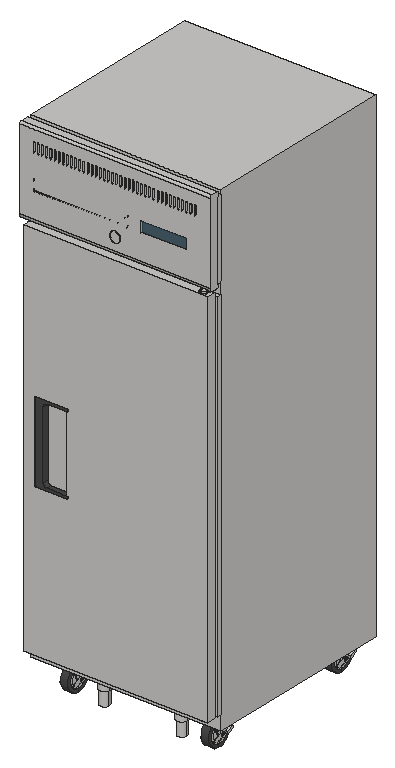
Revit family "QF_EVEREST_ES_1", category Specialty Equipment, Revit 2015
Parameters (values of type "ESF1_115/60/1")
  Weight in Pounds = 318
  Watts = if(Phase = 3, Volts * FL Amps * 1.73, Volts * FL Amps)  # 575 W
  Volts = 115 V
  URL Cutsheet = ""
  Specification by User = ""
  Specification by Manufacturer = ""
  Show Clearance [instance] = yes
  Serial Number = ""
  Seismic Rating = ""
  SMACNA No = ""
  Revision Code = ""
  Refrigerant Volume = 0.00 kip
  Refrigerant Type = "R290"
  Phase = 1
  Number of Poles = 1
  NAFEM Spec ID Number = ""
  Model = "ESF1"
  Min Ckt Ampacity = 0 A
  Max Overcurrent Protection = 0 A
  Masterspec = ""
  Manufacturer = "EVEREST"
  Length = 740 mm
  Item Number = ""
  Installed By = ""
  Identify Quantity as Lot = yes
  Height = 2010 mm
  HP = "1/2"
  Furnished By = ""
  Foodservice Equipment Identifier = yes
  FL Amps = 5 A
  Electrical Remarks = ""
  Electric Connection Type = ""
  Elec Conn RI Height = 0 mm
  Elec Conn Connection Height = 0 mm
  Description = "UPRIGHT REACH–IN FREEZER"
  Depth = 803 mm
  Cycle = 60 Hz
  Conn Plug = "NEMA 5-15P"
  Conn Conduit = yes
  CSI MasterFormat = ""
  BTUH = 1670.0 Btu/h
  Apparent Power = 0 VA
Types (2, lengths in mm): name | Weight in Pounds | Watts | Model | HP | FL Amps | Description | BTUH
  ESF1_115/60/1 | 318 | 575 W | "ESF1" | "1/2" | 5 A | "UPRIGHT REACH–IN FREEZER" | 1670.0 Btu/h
  ESR1_115/60/1 | 296 | 460 W | "ESR1" | "1/4+" | 4 A | "UPRIGHT REACH–IN REFRIGERATOR" | 1926.0 Btu/h
Reference planes
  plane 1 "BACK": y = 0
  plane 2: z = 0
  plane 3 "LEFT": x = 0
  plane 4 "RIGHT": x = 740
  plane 5 "FRONT": y = -803
  plane 6 "TOP": z = 2010
  plane 7 "Center Y": x = 370
  plane 8 "Center X": y = -401.5
  plane 9: y = -1491
  plane 10: z = 125
  plane 11: y = -750
Forms (mm)
  Extrusion 1, solid, material "QF_Metal - Stainless - Polished"
    sketch origin (0, 0, 0) x (0, 1, 0) y (0, 0, 1)
      loop
        line (0, 2010) -> (-750, 2010) -> (-750, 125) -> (0, 125) -> (0, 2010)
    from 0 to 740
  Extrusion 2, solid, material "QF_Metal - Stainless - Polished"
    sketch origin (0, 0, 0) x (0, 1, 0) y (0, 0, 1)
      loop
        line (-765, 2010) -> (-794.973, 2010)
        arc (-794.973, 2010) -> (-800.649, 2007.649) -> (-803, 2001.973) r 8.027
        line (-803, 2001.973) -> (-803, 1687.87)
        arc (-803, 1687.87) -> (-799.172, 1678.628) -> (-789.93, 1674.8) r 13.07
        line (-789.93, 1674.8) -> (-765, 1674.8) -> (-765, 2010)
    from 0 to 740
  Extrusion 3, solid, material "QF_Metal - Stainless - Polished"
    sketch origin (0, 0, 0) x (0, 1, 0) y (0, 0, 1)
      loop
        line (-765, 1688.8) -> (-758.141, 1688.8)
        arc (-758.141, 1688.8) -> (-757.087, 1689.01) -> (-756.193, 1689.607) r 2.754
        line (-756.193, 1689.607) -> (-750.858, 1694.942)
        arc (-750.858, 1694.942) -> (-750.223, 1695.892) -> (-750, 1697.014) r 2.93
        line (-750, 1697.014) -> (-750, 1990.992)
        arc (-750, 1990.992) -> (-750.222, 1992.108) -> (-750.854, 1993.054) r 2.916
        line (-750.854, 1993.054) -> (-755.935, 1998.135)
        arc (-755.935, 1998.135) -> (-757.115, 1998.923) -> (-758.506, 1999.2) r 3.637
        line (-758.506, 1999.2) -> (-765, 1999.2) -> (-765, 1688.8)
    from 0 to 740
  Extrusion 4, solid, material "QF_Metal - Stainless - Polished"
    sketch origin (0, 0, 0) x (1, 0, 0) y (0, 0, 1)
      loop
        line (13, 172.5) -> (727, 172.5) -> (727, 1654) -> (13, 1654) -> (13, 172.5)
      loop
        arc (60.313, 1071.5) -> (56.778, 1070.036) -> (55.313, 1066.5) r 5
        line (55.313, 1066.5) -> (55.313, 763.5)
        arc (55.313, 763.5) -> (56.778, 759.964) -> (60.313, 758.5) r 5
        line (60.313, 758.5) -> (179.313, 758.5)
        arc (179.313, 758.5) -> (182.849, 759.964) -> (184.313, 763.5) r 5
        line (184.313, 763.5) -> (184.313, 768.5) -> (179.313, 768.5) -> (179.313, 1061.5) -> (184.313, 1061.5) -> (184.313, 1066.5)
        arc (184.313, 1066.5) -> (182.849, 1070.036) -> (179.313, 1071.5) r 5
        line (179.313, 1071.5) -> (60.313, 1071.5)
    from 765 to 800
  Extrusion 5, solid, material "QF_Metal - Stainless - Polished"
    sketch origin (0, 0, 0) x (0, 1, 0) y (0, 0, 1)
      loop
        line (-750, 1644) -> (-765, 1644) -> (-765, 182.5) -> (-750, 182.5) -> (-750, 1644)
    from 0 to 740
  Extrusion 6, solid, material "QF_Plastic - Black - Smooth"
    sketch origin (0, 0, 0) x (1, 0, 0) y (0, 0, 1)
      loop
        arc (60.313, 1071.5) -> (56.778, 1070.036) -> (55.313, 1066.5) r 5
        line (55.313, 1066.5) -> (55.313, 763.5)
        arc (55.313, 763.5) -> (56.778, 759.964) -> (60.313, 758.5) r 5
        line (60.313, 758.5) -> (179.313, 758.5)
        arc (179.313, 758.5) -> (182.849, 759.964) -> (184.313, 763.5) r 5
        line (184.313, 763.5) -> (184.313, 768.5) -> (103.313, 768.5)
        arc (103.313, 768.5) -> (92.707, 772.893) -> (88.313, 783.5) r 15
        line (88.313, 783.5) -> (88.313, 1046.5)
        arc (88.313, 1046.5) -> (92.707, 1057.107) -> (103.313, 1061.5) r 15
        line (103.313, 1061.5) -> (184.313, 1061.5) -> (184.313, 1066.5)
        arc (184.313, 1066.5) -> (182.849, 1070.036) -> (179.313, 1071.5) r 5
        line (179.313, 1071.5) -> (60.313, 1071.5)
    from 780 to 800
  Extrusion 7, void
    sketch origin (0, -803, 2030) x (0, 0, -1) y (1, 0, 0)
      loop
        line (105, 61.992) -> (73, 61.992)
        arc (73, 61.992) -> (69, 57.992) -> (73, 53.992) r 4
        line (73, 53.992) -> (105, 53.992)
        arc (105, 53.992) -> (109, 57.992) -> (105, 61.992) r 4
      loop
        line (73, 69.992) -> (105, 69.992)
        arc (105, 69.992) -> (109, 73.992) -> (105, 77.992) r 4
        line (105, 77.992) -> (73, 77.992)
        arc (73, 77.992) -> (69, 73.992) -> (73, 69.992) r 4
      loop
        line (73, 85.992) -> (105, 85.992)
        arc (105, 85.992) -> (109, 89.992) -> (105, 93.992) r 4
        line (105, 93.992) -> (73, 93.992)
        arc (73, 93.992) -> (69, 89.992) -> (73, 85.992) r 4
      loop
        line (73, 101.992) -> (105, 101.992)
        arc (105, 101.992) -> (109, 105.992) -> (105, 109.992) r 4
        line (105, 109.992) -> (73, 109.992)
        arc (73, 109.992) -> (69, 105.992) -> (73, 101.992) r 4
      loop
        line (73, 117.992) -> (105, 117.992)
        arc (105, 117.992) -> (109, 121.992) -> (105, 125.992) r 4
        line (105, 125.992) -> (73, 125.992)
        arc (73, 125.992) -> (69, 121.992) -> (73, 117.992) r 4
      loop
        line (73, 133.992) -> (105, 133.992)
        arc (105, 133.992) -> (109, 137.992) -> (105, 141.992) r 4
        line (105, 141.992) -> (73, 141.992)
        arc (73, 141.992) -> (69, 137.992) -> (73, 133.992) r 4
      loop
        line (73, 149.992) -> (105, 149.992)
        arc (105, 149.992) -> (109, 153.992) -> (105, 157.992) r 4
        line (105, 157.992) -> (73, 157.992)
        arc (73, 157.992) -> (69, 153.992) -> (73, 149.992) r 4
      loop
        line (73, 165.992) -> (105, 165.992)
        arc (105, 165.992) -> (109, 169.992) -> (105, 173.992) r 4
        line (105, 173.992) -> (73, 173.992)
        arc (73, 173.992) -> (69, 169.992) -> (73, 165.992) r 4
      loop
        line (73, 181.992) -> (105, 181.992)
        arc (105, 181.992) -> (109, 185.992) -> (105, 189.992) r 4
        line (105, 189.992) -> (73, 189.992)
        arc (73, 189.992) -> (69, 185.992) -> (73, 181.992) r 4
      loop
        line (73, 197.992) -> (105, 197.992)
        arc (105, 197.992) -> (109, 201.992) -> (105, 205.992) r 4
        line (105, 205.992) -> (73, 205.992)
        arc (73, 205.992) -> (69, 201.992) -> (73, 197.992) r 4
      loop
        line (73, 213.992) -> (105, 213.992)
        arc (105, 213.992) -> (109, 217.992) -> (105, 221.992) r 4
        line (105, 221.992) -> (73, 221.992)
        arc (73, 221.992) -> (69, 217.992) -> (73, 213.992) r 4
      loop
        line (73, 229.992) -> (105, 229.992)
        arc (105, 229.992) -> (109, 233.992) -> (105, 237.992) r 4
        line (105, 237.992) -> (73, 237.992)
        arc (73, 237.992) -> (69, 233.992) -> (73, 229.992) r 4
      loop
        line (73, 245.992) -> (105, 245.992)
        arc (105, 245.992) -> (109, 249.992) -> (105, 253.992) r 4
        line (105, 253.992) -> (73, 253.992)
        arc (73, 253.992) -> (69, 249.992) -> (73, 245.992) r 4
      loop
        line (73, 261.992) -> (105, 261.992)
        arc (105, 261.992) -> (109, 265.992) -> (105, 269.992) r 4
        line (105, 269.992) -> (73, 269.992)
        arc (73, 269.992) -> (69, 265.992) -> (73, 261.992) r 4
      loop
        line (73, 277.992) -> (105, 277.992)
        arc (105, 277.992) -> (109, 281.992) -> (105, 285.992) r 4
        line (105, 285.992) -> (73, 285.992)
        arc (73, 285.992) -> (69, 281.992) -> (73, 277.992) r 4
      loop
        line (73, 293.992) -> (105, 293.992)
        arc (105, 293.992) -> (109, 297.992) -> (105, 301.992) r 4
        line (105, 301.992) -> (73, 301.992)
        arc (73, 301.992) -> (69, 297.992) -> (73, 293.992) r 4
      loop
        line (73, 309.992) -> (105, 309.992)
        arc (105, 309.992) -> (109, 313.992) -> (105, 317.992) r 4
        line (105, 317.992) -> (73, 317.992)
        arc (73, 317.992) -> (69, 313.992) -> (73, 309.992) r 4
      loop
        line (73, 325.992) -> (105, 325.992)
        arc (105, 325.992) -> (109, 329.992) -> (105, 333.992) r 4
        line (105, 333.992) -> (73, 333.992)
        arc (73, 333.992) -> (69, 329.992) -> (73, 325.992) r 4
      loop
        line (73, 341.992) -> (105, 341.992)
        arc (105, 341.992) -> (109, 345.992) -> (105, 349.992) r 4
        line (105, 349.992) -> (73, 349.992)
        arc (73, 349.992) -> (69, 345.992) -> (73, 341.992) r 4
      loop
        line (73, 357.992) -> (105, 357.992)
        arc (105, 357.992) -> (109, 361.992) -> (105, 365.992) r 4
        line (105, 365.992) -> (73, 365.992)
        arc (73, 365.992) -> (69, 361.992) -> (73, 357.992) r 4
      loop
        arc (105, 678.008) -> (109, 682.008) -> (105, 686.008) r 4
        line (105, 686.008) -> (73, 686.008)
        arc (73, 686.008) -> (69, 682.008) -> (73, 678.008) r 4
        line (73, 678.008) -> (105, 678.008)
      loop
        arc (73, 670.008) -> (69, 666.008) -> (73, 662.008) r 4
        line (73, 662.008) -> (105, 662.008)
        arc (105, 662.008) -> (109, 666.008) -> (105, 670.008) r 4
        line (105, 670.008) -> (73, 670.008)
      loop
        arc (73, 654.008) -> (69, 650.008) -> (73, 646.008) r 4
        line (73, 646.008) -> (105, 646.008)
        arc (105, 646.008) -> (109, 650.008) -> (105, 654.008) r 4
        line (105, 654.008) -> (73, 654.008)
      loop
        arc (73, 638.008) -> (69, 634.008) -> (73, 630.008) r 4
        line (73, 630.008) -> (105, 630.008)
        arc (105, 630.008) -> (109, 634.008) -> (105, 638.008) r 4
        line (105, 638.008) -> (73, 638.008)
      loop
        arc (73, 622.008) -> (69, 618.008) -> (73, 614.008) r 4
        line (73, 614.008) -> (105, 614.008)
        arc (105, 614.008) -> (109, 618.008) -> (105, 622.008) r 4
        line (105, 622.008) -> (73, 622.008)
      loop
        arc (73, 606.008) -> (69, 602.008) -> (73, 598.008) r 4
        line (73, 598.008) -> (105, 598.008)
        arc (105, 598.008) -> (109, 602.008) -> (105, 606.008) r 4
        line (105, 606.008) -> (73, 606.008)
      loop
        arc (73, 590.008) -> (69, 586.008) -> (73, 582.008) r 4
        line (73, 582.008) -> (105, 582.008)
        arc (105, 582.008) -> (109, 586.008) -> (105, 590.008) r 4
        line (105, 590.008) -> (73, 590.008)
      loop
        arc (73, 574.008) -> (69, 570.008) -> (73, 566.008) r 4
        line (73, 566.008) -> (105, 566.008)
        arc (105, 566.008) -> (109, 570.008) -> (105, 574.008) r 4
        line (105, 574.008) -> (73, 574.008)
      loop
        arc (73, 558.008) -> (69, 554.008) -> (73, 550.008) r 4
        line (73, 550.008) -> (105, 550.008)
        arc (105, 550.008) -> (109, 554.008) -> (105, 558.008) r 4
        line (105, 558.008) -> (73, 558.008)
      loop
        arc (73, 542.008) -> (69, 538.008) -> (73, 534.008) r 4
        line (73, 534.008) -> (105, 534.008)
        arc (105, 534.008) -> (109, 538.008) -> (105, 542.008) r 4
        line (105, 542.008) -> (73, 542.008)
      loop
        arc (73, 526.008) -> (69, 522.008) -> (73, 518.008) r 4
        line (73, 518.008) -> (105, 518.008)
        arc (105, 518.008) -> (109, 522.008) -> (105, 526.008) r 4
        line (105, 526.008) -> (73, 526.008)
      loop
        arc (73, 510.008) -> (69, 506.008) -> (73, 502.008) r 4
        line (73, 502.008) -> (105, 502.008)
        arc (105, 502.008) -> (109, 506.008) -> (105, 510.008) r 4
        line (105, 510.008) -> (73, 510.008)
      loop
        arc (73, 494.008) -> (69, 490.008) -> (73, 486.008) r 4
        line (73, 486.008) -> (105, 486.008)
        arc (105, 486.008) -> (109, 490.008) -> (105, 494.008) r 4
        line (105, 494.008) -> (73, 494.008)
      loop
        arc (73, 478.008) -> (69, 474.008) -> (73, 470.008) r 4
        line (73, 470.008) -> (105, 470.008)
        arc (105, 470.008) -> (109, 474.008) -> (105, 478.008) r 4
        line (105, 478.008) -> (73, 478.008)
      loop
        arc (73, 462.008) -> (69, 458.008) -> (73, 454.008) r 4
        line (73, 454.008) -> (105, 454.008)
        arc (105, 454.008) -> (109, 458.008) -> (105, 462.008) r 4
        line (105, 462.008) -> (73, 462.008)
      loop
        arc (73, 446.008) -> (69, 442.008) -> (73, 438.008) r 4
        line (73, 438.008) -> (105, 438.008)
        arc (105, 438.008) -> (109, 442.008) -> (105, 446.008) r 4
        line (105, 446.008) -> (73, 446.008)
      loop
        arc (73, 430.008) -> (69, 426.008) -> (73, 422.008) r 4
        line (73, 422.008) -> (105, 422.008)
        arc (105, 422.008) -> (109, 426.008) -> (105, 430.008) r 4
        line (105, 430.008) -> (73, 430.008)
      loop
        arc (73, 414.008) -> (69, 410.008) -> (73, 406.008) r 4
        line (73, 406.008) -> (105, 406.008)
        arc (105, 406.008) -> (109, 410.008) -> (105, 414.008) r 4
        line (105, 414.008) -> (73, 414.008)
      loop
        arc (73, 398.008) -> (69, 394.008) -> (73, 390.008) r 4
        line (73, 390.008) -> (105, 390.008)
        arc (105, 390.008) -> (109, 394.008) -> (105, 398.008) r 4
        line (105, 398.008) -> (73, 398.008)
      loop
        arc (73, 382.008) -> (69, 378.008) -> (73, 374.008) r 4
        line (73, 374.008) -> (105, 374.008)
        arc (105, 374.008) -> (109, 378.008) -> (105, 382.008) r 4
        line (105, 382.008) -> (73, 382.008)
      loop
        line (200.062, 53.992) -> (204.496, 53.992)
        arc (204.496, 53.992) -> (208.032, 55.456) -> (209.496, 58.992) r 5
        line (209.496, 58.992) -> (209.496, 413.992)
        arc (209.496, 413.992) -> (208.032, 417.528) -> (204.496, 418.992) r 5
        line (204.496, 418.992) -> (200.062, 418.992)
        arc (200.062, 418.992) -> (203.599, 417.523) -> (205.063, 413.988) r 5
        line (205.063, 413.988) -> (205.063, 58.996)
        arc (205.063, 58.996) -> (203.598, 55.46) -> (200.062, 53.992) r 5
      loop
        line (233.068, 53.992) -> (237.502, 53.992)
        arc (237.502, 53.992) -> (241.038, 55.456) -> (242.502, 58.992) r 5
        line (242.502, 58.992) -> (242.502, 413.992)
        arc (242.502, 413.992) -> (241.038, 417.528) -> (237.502, 418.992) r 5
        line (237.502, 418.992) -> (233.068, 418.992)
        arc (233.068, 418.992) -> (236.604, 417.523) -> (238.068, 413.988) r 5
        line (238.068, 413.988) -> (238.068, 58.996)
        arc (238.068, 58.996) -> (236.604, 55.46) -> (233.068, 53.992) r 5
      loop
        arc (238.504, 469.75) -> (239.916, 470.335) -> (240.501, 471.747) r 1.997
        line (240.501, 471.747) -> (240.501, 647.256)
        arc (240.501, 647.256) -> (239.917, 648.666) -> (238.507, 649.25) r 1.994
        line (238.507, 649.25) -> (200.5, 649.25)
        arc (200.5, 649.25) -> (199.086, 648.665) -> (198.501, 647.25) r 1.997
        line (198.501, 647.25) -> (198.501, 471.75)
        arc (198.501, 471.75) -> (199.086, 470.335) -> (200.5, 469.75) r 1.997
        line (200.5, 469.75) -> (238.504, 469.75)
    from 0 to -3
  Extrusion 8, solid, material "QF_Metal - Stainless - Polished"
    sketch origin (2.005, 0, 172.5) x (0, -1, 0) y (-1, 0, 0)
      loop
        circle (784, -697) r 10
    from 0 to 5
  Extrusion 9, solid, material "QF_Metal - Stainless - Polished"
    sketch origin (2.005, 0, 172.5) x (0, -1, 0) y (-1, 0, 0)
      loop
        arc (789.13, -711.095) -> (798.772, -694.395) -> (784, -682) r 15
        line (784, -682) -> (750, -676.005) -> (750, -717.995) -> (789.13, -711.095)
      loop
        circle (784, -697) r 10
    from 0 to 2.5
  Extrusion 10, solid, material "QF_Metal - Stainless - Polished"
    sketch origin (-10.995, 0, 1654) x (1, 0, 0) y (0, 1, 0)
      loop
        circle (710, -784) r 10
    from 0 to 5
  Extrusion 11, solid, material "QF_Metal - Stainless - Polished"
    sketch origin (-10.995, 0, 1654) x (1, 0, 0) y (0, 1, 0)
      loop
        line (724.095, -789.13) -> (730.995, -750) -> (689.005, -750) -> (695, -784)
        arc (695, -784) -> (707.395, -798.772) -> (724.095, -789.13) r 15
      loop
        circle (710, -784) r 10
    from 0 to 2.5
  Revolve 12, solid, material "QF_Metal - Stainless - Polished"
    sketch origin (0, -665, 0) x (1, 0, 0) y (0, 0, 1)
      loop
        line (218.953, 0) -> (218.953, 125) -> (183.953, 125) -> (183.953, 115) -> (188.953, 115) -> (188.953, 104.5) -> (197.953, 90.5) -> (197.953, 55.5) -> (201.703, 55.5) -> (201.703, 0) -> (218.953, 0)
      axis (218.953, 0) -> (218.953, 125)
    angle from 0 to 360
  Revolve 13, solid, material "QF_Metal - Stainless - Polished"
    sketch origin (301.095, -665, 0) x (1, 0, 0) y (0, 0, 1)
      loop
        line (218.953, 0) -> (218.953, 125) -> (183.953, 125) -> (183.953, 115) -> (188.953, 115) -> (188.953, 104.5) -> (197.953, 90.5) -> (197.953, 55.5) -> (201.703, 55.5) -> (201.703, 0) -> (218.953, 0)
      axis (218.953, 0) -> (218.953, 125)
    angle from 0 to 360
  Extrusion 14, solid, material "QF_Door-Drawer Clearances", visible <- "Show Clearance", detail levels coarse
    sketch origin (0, 0, 0) x (1, 0, 0) y (0, 1, 0)
      loop
        line (727, -800) -> (13, -800)
        arc (13, -800) -> (226.368, -1293.913) -> (727, -1491) r 700.792
        line (727, -1491) -> (727, -800)
    from 172.5 to 1654
  Extrusion 15, solid, material "QF_Metal - Stainless - Polished"
    sketch origin (0, 0, 1980) x (0, 0, 1) y (1, 0, 0)
      loop
        circle (-241.795, 370) r 6.35
    from 0 to 6.4
  Extrusion 16, void
    sketch origin (0, -803, 2030) x (0, 0, -1) y (1, 0, 0)
      loop
        circle (291.795, 370) r 20
    from 0 to -5
  Extrusion 17, solid, material "Glass"
    sketch origin (0, -798, 2030) x (0, 0, -1) y (1, 0, 0)
      loop
        line (200.5, 469.75) -> (238.504, 469.75)
        arc (238.504, 469.75) -> (239.916, 470.335) -> (240.501, 471.747) r 1.997
        line (240.501, 471.747) -> (240.501, 647.256)
        arc (240.501, 647.256) -> (239.917, 648.666) -> (238.507, 649.25) r 1.994
        line (238.507, 649.25) -> (200.5, 649.25)
        arc (200.5, 649.25) -> (199.086, 648.665) -> (198.501, 647.25) r 1.997
        line (198.501, 647.25) -> (198.501, 471.75)
        arc (198.501, 471.75) -> (199.086, 470.335) -> (200.5, 469.75) r 1.997
    from 0 to 5
  Extrusion 18, solid, material "QF_Metal - Stainless - Polished"
    sketch origin (0, -800, 2030) x (0, 0, -1) y (1, 0, 0)
      loop
        circle (291.795, 370) r 20
    from 0 to 3
Cuts and joins
  Extrusion 7, Extrusion 16 cuts Extrusion 2
Lines and regions (mm)
  symbolic lines
    curve 1: line (0, 0, 0) -> (740, 0, 0)
    curve 2: line (0, -803, 0) -> (0, 0, 0)
    curve 3: line (740, -803, 0) -> (0, -803, 0)
    curve 4: line (740, 0, 0) -> (740, -803, 0)
    curve 5: line (0, -765, 0) -> (740, -765, 0)
    curve 6: line (0, -750, 0) -> (740, -750, 0)
  symbolic lines, style "QF_Door-Drawer Clearances"
    curve 7: arc (13, -800, 0) -> (40.11, -983.601, 0) -> (114.465, -1153.647, 0) r 700.792
    curve 8: line (114.465, -1153.647, 0) -> (727, -800, 0)
Dimensions and locks
  equal spacing: plane 3 "LEFT", plane 7 "Center Y", plane 4 "RIGHT"
  "Length": plane 3 "LEFT" to plane 4 "RIGHT"
  equal spacing: plane 5 "FRONT", plane 8 "Center X", plane 1 "BACK"
  "Depth": plane 5 "FRONT" to plane 1 "BACK"
  "Height": plane 6 "TOP" to level
  plane 9 to plane 1 "BACK" = 1491 mm
  plane 6 "TOP" to plane 2 = 2010 mm
  plane 10 to plane 2 = 125 mm
  plane 6 "TOP" to plane 10 = 1885 mm
  plane 5 "FRONT" to plane 1 "BACK" = 803 mm
  plane 11 to plane 1 "BACK" = 750 mm
  Extrusion 4 sketch curve to Extrusion 4 sketch curve = 714 mm
  aligned and locked: plane 2 to level
Automatic sketch dimensions
  Extrusion 1 sketch curve to plane 6 "TOP" = 0 mm
  Extrusion 1 sketch curve to plane 11 = 0 mm
  Extrusion 1 sketch curve to plane 1 "BACK" = 0 mm
  Extrusion 1 sketch curve to plane 10 = 0 mm
  Extrusion 2 sketch curve to plane 5 "FRONT" = 0 mm
  Extrusion 2 sketch curve to plane 6 "TOP" = 0 mm
  Extrusion 2 sketch curve to Extrusion 2 sketch curve = 8.027 mm
  Extrusion 2 sketch curve to Extrusion 2 sketch curve = 13.07 mm
  Extrusion 2 sketch curve to plane 11 = 15 mm
  Extrusion 2 sketch curve to Extrusion 2 sketch curve = 314.103 mm
  Extrusion 3 sketch curve to plane 11 = 0 mm
  Extrusion 3 sketch curve to plane 11 = 0.854 mm
  Extrusion 3 sketch curve to plane 11 = 0.858 mm
  Extrusion 3 sketch curve to plane 11 = 2.916 mm
  Extrusion 3 sketch curve to plane 11 = 2.93 mm
  Extrusion 3 sketch curve to plane 11 = 5.935 mm
  Extrusion 3 sketch curve to plane 11 = 6.193 mm
  Extrusion 3 sketch curve to Extrusion 3 sketch curve = 1.947 mm
  Extrusion 3 sketch curve to Extrusion 3 sketch curve = 2.572 mm  (x2)
  Extrusion 3 sketch curve to Extrusion 3 sketch curve = 6.859 mm
  Extrusion 3 sketch curve to plane 6 "TOP" = 321.2 mm
  Extrusion 3 sketch curve to Extrusion 3 sketch curve = 0.807 mm
  Extrusion 3 sketch curve to Extrusion 3 sketch curve = 5.335 mm
  Extrusion 3 sketch curve to plane 6 "TOP" = 19.008 mm
  Extrusion 3 sketch curve to Extrusion 3 sketch curve = 4.571 mm
  plane 3 "LEFT" to Extrusion 4 sketch curve = 13 mm
  plane 3 "LEFT" to Extrusion 4 sketch curve = 55.313 mm
  Extrusion 4 sketch curve to Extrusion 4 sketch curve = 5 mm  (x6)
  Extrusion 4 sketch curve to Extrusion 4 sketch curve = 119 mm
  Extrusion 4 sketch curve to Extrusion 4 sketch curve = 0 mm  (x2)
  plane 10 to Extrusion 4 sketch curve = 47.5 mm
  Extrusion 4 sketch curve to Extrusion 4 sketch curve = 586 mm
  Extrusion 4 sketch curve to Extrusion 4 sketch curve = 293 mm
  Extrusion 4 sketch curve to plane 6 "TOP" = 356 mm
  Extrusion 5 sketch curve to plane 11 = 0 mm
  Extrusion 5 sketch curve to plane 11 = 15 mm
  plane 10 to Extrusion 5 sketch curve = 57.5 mm
  Extrusion 5 sketch curve to plane 6 "TOP" = 366 mm
  plane 3 "LEFT" to Extrusion 6 sketch curve = 55.313 mm
  Extrusion 6 sketch curve to Extrusion 6 sketch curve = 5 mm  (x5)
  Extrusion 6 sketch curve to Extrusion 6 sketch curve = 28 mm
  Extrusion 6 sketch curve to Extrusion 6 sketch curve = 15 mm  (x2)
  Extrusion 6 sketch curve to Extrusion 6 sketch curve = 76 mm  (x2)
  plane 10 to Extrusion 6 sketch curve = 633.5 mm
  Extrusion 6 sketch curve to Extrusion 6 sketch curve = 263 mm
  Extrusion 6 sketch curve to Extrusion 6 sketch curve = 20 mm
  Extrusion 8 sketch curve to Extrusion 4 = 16 mm
  Extrusion 8 sketch curve to Extrusion 4 = 27.995 mm
  Extrusion 9 sketch curve to Extrusion 9 sketch curve = 0 mm  (x2)
  Extrusion 9 sketch curve to Extrusion 4 = 7 mm
  Extrusion 4 to Extrusion 9 sketch curve = 15 mm
  Extrusion 9 sketch curve to Extrusion 4 = 16 mm
  Extrusion 9 sketch curve to Extrusion 4 = 10.87 mm
  Extrusion 9 sketch curve to Extrusion 4 = 13.9 mm
  Extrusion 9 sketch curve to Extrusion 9 sketch curve = 14.095 mm
  Extrusion 9 sketch curve to Extrusion 9 sketch curve = 5.995 mm
  Extrusion 10 sketch curve to plane 5 "FRONT" = 19 mm
  plane 4 "RIGHT" to Extrusion 10 sketch curve = 40.995 mm
  Extrusion 11 sketch curve to Extrusion 11 sketch curve = 0 mm  (x2)
  Extrusion 11 sketch curve to plane 11 = 0 mm
  plane 4 "RIGHT" to Extrusion 11 sketch curve = 61.99 mm
  Extrusion 11 sketch curve to plane 5 "FRONT" = 19 mm
  Extrusion 11 sketch curve to Extrusion 11 sketch curve = 5.995 mm
  Extrusion 11 sketch curve to Extrusion 11 sketch curve = 15 mm
  Extrusion 11 sketch curve to plane 5 "FRONT" = 13.87 mm
  plane 4 "RIGHT" to Extrusion 11 sketch curve = 20 mm
  Revolve 12 sketch curve to plane 10 = 0 mm  (x2)
  Revolve 12 sketch curve to level = 0 mm
  plane 3 "LEFT" to Revolve 12 sketch curve = 183.953 mm
  Revolve 12 sketch curve to Revolve 12 sketch curve = 5 mm
  Revolve 12 sketch curve to Revolve 12 sketch curve = 9 mm
  Revolve 12 sketch curve to Revolve 12 sketch curve = 3.75 mm
  Revolve 12 sketch curve to Revolve 12 sketch curve = 30 mm
  level to Revolve 12 sketch curve = 55.5 mm
  Revolve 12 sketch curve to plane 10 = 34.5 mm
  Revolve 12 sketch curve to Revolve 12 sketch curve = 14 mm
  Revolve 12 sketch curve to plane 10 = 10 mm
  Revolve 12 sketch curve to Revolve 12 sketch curve = 0 mm
  Revolve 12 sketch curve to Revolve 12 sketch curve = 20 mm
  Revolve 13 sketch curve to plane 10 = 0 mm  (x2)
  Revolve 13 sketch curve to level = 0 mm
  plane 7 "Center Y" to Revolve 13 sketch curve = 115.047 mm
  Revolve 13 sketch curve to Revolve 13 sketch curve = 5 mm
  Revolve 13 sketch curve to Revolve 13 sketch curve = 9 mm
  Revolve 13 sketch curve to Revolve 13 sketch curve = 3.75 mm
  Revolve 13 sketch curve to Revolve 13 sketch curve = 30 mm
  level to Revolve 13 sketch curve = 55.5 mm
  Revolve 13 sketch curve to plane 10 = 34.5 mm
  Revolve 13 sketch curve to Revolve 13 sketch curve = 14 mm
  Revolve 13 sketch curve to plane 10 = 10 mm
  Revolve 13 sketch curve to Revolve 13 sketch curve = 0 mm
  Revolve 13 sketch curve to Revolve 13 sketch curve = 20 mm
  Extrusion 14 sketch curve to plane 9 = 0 mm
  Extrusion 14 sketch curve to plane 5 "FRONT" = 3 mm
  plane 3 "LEFT" to Extrusion 14 sketch curve = 13 mm
  Extrusion 14 sketch curve to plane 5 "FRONT" = 12.667 mm
  Extrusion 14 sketch curve to Extrusion 14 sketch curve = 700.726 mm
  plane 1 "BACK" to curve 1 = 0 mm
  curve 1 to plane 3 "LEFT" = 0 mm
  curve 4 to plane 4 "RIGHT" = 0 mm
  plane 5 "FRONT" to curve 3 = 0 mm
  curve 6 to plane 11 = 0 mm
  curve 7 to plane 5 "FRONT" = 12.667 mm
  plane 4 "RIGHT" to curve 7 = 26.274 mm
  curve 7 to plane 5 "FRONT" = 3 mm
  plane 3 "LEFT" to curve 7 = 13 mm
  plane 3 "LEFT" to curve 8 = 114.465 mm
  curve 5 to plane 11 = 15 mm
  curve 8 to plane 5 "FRONT" = 3 mm
  plane 4 "RIGHT" to curve 8 = 13 mm
  Extrusion 15 sketch curve to Extrusion 1 = 271.795 mm
  Extrusion 1 to Extrusion 15 sketch curve = 370 mm
  plane 4 "RIGHT" to Extrusion 16 sketch curve = 370 mm
  Extrusion 16 sketch curve to plane 6 "TOP" = 271.795 mm
  Extrusion 2 to Extrusion 7 sketch curve = 44.973 mm  (x3)
  Extrusion 7 sketch curve to Extrusion 7 sketch curve = 0 mm  (x78)
  Extrusion 7 sketch curve to Extrusion 7 sketch curve = 32 mm  (x3)
  Extrusion 7 sketch curve to Extrusion 7 sketch curve = 93.501 mm
  Extrusion 7 sketch curve to Extrusion 7 sketch curve = 95.063 mm
  Extrusion 7 sketch curve to Extrusion 7 sketch curve = 1.563 mm
  Extrusion 7 sketch curve to Extrusion 7 sketch curve = 1.997 mm  (x4)
  Extrusion 7 sketch curve to Extrusion 7 sketch curve = 0.003 mm  (x3)
  Extrusion 7 sketch curve to Extrusion 7 sketch curve = 4.434 mm  (x4)
  Extrusion 7 sketch curve to Extrusion 7 sketch curve = 4.433 mm  (x2)
  Extrusion 7 sketch curve to Extrusion 7 sketch curve = 0.567 mm
  Extrusion 7 sketch curve to Extrusion 7 sketch curve = 23.572 mm  (x2)
  Extrusion 7 sketch curve to Extrusion 7 sketch curve = 0.566 mm
  Extrusion 7 sketch curve to Extrusion 7 sketch curve = 38.003 mm
  Extrusion 7 sketch curve to Extrusion 7 sketch curve = 38.009 mm
  Extrusion 2 to Extrusion 7 sketch curve = 53.992 mm  (x2)
  Extrusion 7 sketch curve to Extrusion 7 sketch curve = 5 mm
  Extrusion 7 sketch curve to Extrusion 7 sketch curve = 4 mm  (x40)
  Extrusion 7 sketch curve to Extrusion 7 sketch curve = 0.004 mm  (x4)
  Extrusion 7 sketch curve to Extrusion 7 sketch curve = 8 mm  (x38)
  Extrusion 7 sketch curve to Extrusion 7 sketch curve = 8.017 mm
  Extrusion 7 sketch curve to Extrusion 7 sketch curve = 0.02 mm
  Extrusion 7 sketch curve to Extrusion 7 sketch curve = 50.758 mm
  Extrusion 2 to Extrusion 7 sketch curve = 92.75 mm
  Extrusion 7 sketch curve to Extrusion 7 sketch curve = 0.001 mm
  Extrusion 17 sketch curve to Extrusion 17 sketch curve = 1.997 mm  (x3)
  Extrusion 17 sketch curve to Extrusion 17 sketch curve = 0.003 mm  (x3)
  Extrusion 17 sketch curve to Extrusion 17 sketch curve = 38.003 mm
  Extrusion 17 sketch curve to Extrusion 17 sketch curve = 38.009 mm
  Extrusion 17 sketch curve to Extrusion 17 sketch curve = 1.994 mm
  Extrusion 17 sketch curve to Extrusion 17 sketch curve = 175.501 mm
  Extrusion 18 sketch curve to plane 7 "Center Y" = 0 mm
  Extrusion 18 sketch curve to Extrusion 18 sketch curve = 20 mm
  Extrusion 18 sketch curve to Extrusion 18 sketch curve = 0 mm
  Extrusion 18 sketch curve to plane 6 "TOP" = 271.795 mm
  radius of Extrusion 8 sketch curve = 10 mm
  radius of Extrusion 9 sketch curve = 10 mm
  radius of Extrusion 10 sketch curve = 10 mm
  radius of Extrusion 11 sketch curve = 10 mm
  radius of Extrusion 15 sketch curve = 6.35 mm
  radius of Extrusion 16 sketch curve = 20 mm
Nested families
  nested 1: "5 INCHES 01_CASTER" at (96.503, -682.5, 0), type "5 INCHES 01_CASTER"
    with Type Mark "", Specification by User "", Show 5" Casters yes, Revision Code "", Key Locks yes, Item Number "", Installed By "", Identify Quantity as Lot yes, Furnished By "", Foodservice Equipment Identifier yes
  nested 2: "5 INCHES 01_CASTER" at (643.497, -682.5, 0), type "5 INCHES 01_CASTER"
    with Type Mark "", Specification by User "", Show 5" Casters yes, Revision Code "", Key Locks yes, Item Number "", Installed By "", Identify Quantity as Lot yes, Furnished By "", Foodservice Equipment Identifier yes
  nested 3: "5 INCHES 01_CASTER" at (96.503, -86.049, 0), type "5 INCHES 01_CASTER"
    with Type Mark "", Specification by User "", Show 5" Casters yes, Revision Code "", Key Locks yes, Item Number "", Installed By "", Identify Quantity as Lot yes, Furnished By "", Foodservice Equipment Identifier yes
  nested 4: "5 INCHES 01_CASTER" at (643.497, -86.049, 0), type "5 INCHES 01_CASTER"
    with Type Mark "", Specification by User "", Show 5" Casters yes, Revision Code "", Key Locks yes, Item Number "", Installed By "", Identify Quantity as Lot yes, Furnished By "", Foodservice Equipment Identifier yes
Connectors
  electrical at (370, 6.4, 1738.205), driven by "Volts", driven by "Watts"
    settings: on Extrusion 15, index 1, voltage 115 V, apparent load 575 VA, apparent load phase1 0 VA, apparent load phase2 0 VA, apparent load phase3 0 VA, power factor 1, load classification "Other", number of poles 1, system type 30, power factor state 1, is connector primary yes, connector utility no, sub classification motor no, connector description "ELECTRICAL CONNECTION"
Definition of nested family "5 INCHES 01_CASTER"
  Parameters (values of type "5 INCHES 01_CASTER")
    Weight = ""
    URL Manufacturer = ""
    URL Cutsheet = ""
    URL = ""
    Type Mark [instance] = ""
    Specification by User [instance] = ""
    Specification by Manufacturer = ""
    Show 5" Casters [instance] = yes
    Serial Number = ""
    Seismic Rating = ""
    SMACNA No = ""
    Revision Code [instance] = ""
    Omniclass Number and Title = ""
    NAFEM Spec ID Number = ""
    Model = ""
    MasterSpec. = ""
    Manufacturer = ""
    Key Locks [instance] = yes
    Item Number [instance] = ""
    Installed By [instance] = ""
    Identify Quantity as Lot [instance] = yes
    Furnished By [instance] = ""
    Foodservice Equipment Identifier [instance] = yes
    Description = ""
    CSI MasterFormat = ""
    CSI Master Format = ""
    Assembly Code = ""
  Reference planes
    plane 1: z = 0
    plane 2 "RIGHT": x = 0
    plane 3 "FRONT": y = 0
    plane 4 "TOP": z = 125
  Forms (mm)
    Revolve 1, solid, visible <- "Show 5" Casters"
      sketch origin (-49.224, 25.364, -25.504) x (1, 0, 0) y (0, 0, 1)
        loop
          line (18.81, 76.304) -> (18.81, 74.386) -> (20.08, 73.116) -> (21.604, 73.116) -> (21.604, 70.067) -> (31.369, 70.067) -> (31.369, 65.181) -> (34.939, 63.12) -> (37.88, 44.951) -> (34.131, 44.951) -> (34.131, 38.998) -> (34.925, 38.998) -> (34.925, 25.504) -> (63.103, 25.504) -> (63.103, 38.998) -> (63.897, 38.998) -> (63.897, 44.951) -> (60.148, 44.951) -> (63.103, 63.209) -> (66.659, 65.262) -> (66.659, 70.067) -> (77.218, 70.067) -> (77.218, 73.116) -> (78.742, 73.116) -> (80.012, 74.386) -> (80.012, 76.304) -> (18.81, 76.304)
        axis (18.81, 76.304) -> (80.012, 76.304)
      angle from 0 to 360
    Extrusion 2, solid, visible <- "Show 5" Casters"
      sketch origin (-49.224, 49.87, -19.154) x (0, 1, 0) y (0, 0, 1)
        loop
          line (-85.786, 135.49) -> (-85.786, 125.149) -> (-63.321, 125.149)
          arc (-63.321, 125.149) -> (-37.391, 124.905) -> (-11.779, 120.85) r 175.807
          arc (-11.779, 120.85) -> (3.607, 115.163) -> (17.14, 105.894) r 66.729
          line (17.14, 105.894) -> (20.005, 109.985)
          arc (20.005, 109.985) -> (12.217, 116.012) -> (3.375, 120.348) r 48.686
          line (3.375, 120.348) -> (5.384, 123.823)
          arc (5.384, 123.823) -> (-4.003, 127.534) -> (-13.953, 129.229) r 48.686
          line (-13.953, 129.229) -> (-13.953, 135.49) -> (-85.786, 135.49)
      from 29.809 to 68.639
    Revolve 3, solid, visible <- "Show 5" Casters"
      sketch origin (0, 54.748, -31.75) x (0, 1, 0) y (0, 0, 1)
        loop
          line (-56.335, 156.75) -> (-56.335, 148.085) -> (-26.871, 148.085) -> (-26.871, 156.75) -> (-56.335, 156.75)
        axis (-56.335, 148.085) -> (-56.335, 156.75)
      angle from 0 to 360
    Extrusion 4, solid, visible <- "Show 5" Casters"
      sketch origin (-50.414, 49.87, -19.154) x (0, 1, 0) y (0, 0, 1)
        loop
          line (-85.786, 135.49) -> (-85.786, 125.149) -> (-79.594, 125.149)
          arc (-79.594, 125.149) -> (-54.006, 99.703) -> (-39.582, 66.626) r 96.297
          arc (-39.582, 66.626) -> (-20.695, 54.419) -> (-8.07, 73.029) r 16.082
          arc (-8.07, 73.029) -> (-0.57, 93.403) -> (17.434, 105.537) r 35.307
          line (17.434, 105.537) -> (20.005, 109.985)
          arc (20.005, 109.985) -> (12.217, 116.012) -> (3.375, 120.348) r 48.686
          line (3.375, 120.348) -> (5.384, 123.823)
          arc (5.384, 123.823) -> (-4.003, 127.534) -> (-13.953, 129.229) r 48.686
          line (-13.953, 129.229) -> (-13.953, 135.49) -> (-85.786, 135.49)
      from 69.829 to 73.87
    Extrusion 5, solid, visible <- "Show 5" Casters"
      sketch origin (50.414, 49.87, -19.154) x (0, 1, 0) y (0, 0, -1)
        loop
          line (-85.786, -135.49) -> (-13.953, -135.49) -> (-13.953, -129.229)
          arc (-13.953, -129.229) -> (-4.003, -127.534) -> (5.384, -123.823) r 48.686
          line (5.384, -123.823) -> (3.375, -120.348)
          arc (3.375, -120.348) -> (12.217, -116.012) -> (20.005, -109.985) r 48.686
          line (20.005, -109.985) -> (17.434, -105.537)
          arc (17.434, -105.537) -> (-0.57, -93.403) -> (-8.07, -73.029) r 35.307
          arc (-8.07, -73.029) -> (-20.695, -54.419) -> (-39.582, -66.626) r 16.082
          arc (-39.582, -66.626) -> (-54.006, -99.703) -> (-79.594, -125.149) r 96.297
          line (-79.594, -125.149) -> (-85.786, -125.149) -> (-85.786, -135.49)
      from 69.829 to 73.87
    Extrusion 6, solid, visible <- "Key Locks"
      sketch origin (-24.606, 52.001, -14.628) x (0, 1, 0) y (0, 0, -1)
        loop
          line (-65.658, -51.806) -> (-48.06, -61.966) -> (-38.931, -67.237)
          arc (-38.931, -67.237) -> (-36.934, -70.238) -> (-35.227, -73.414) r 38.511
          arc (-35.227, -73.414) -> (-28.855, -79.511) -> (-20.232, -81.358) r 16.169
          arc (-20.232, -81.358) -> (-17.043, -81.321) -> (-13.877, -81.702) r 24.356
          line (-13.877, -81.702) -> (5.921, -93.132) -> (10.917, -84.478)
          arc (10.917, -84.478) -> (11.804, -78.832) -> (8.674, -74.049) r 7.95
          line (8.674, -74.049) -> (5.356, -77.367)
          arc (5.356, -77.367) -> (6.116, -79.837) -> (3.628, -80.537) r 1.806
          line (3.628, -80.537) -> (-13.41, -70.697)
          arc (-13.41, -70.697) -> (-15.803, -63.781) -> (-9.299, -60.428) r 5.588
          arc (-9.299, -60.428) -> (-8.725, -59.868) -> (-8.601, -59.076) r 1.27
          arc (-8.601, -59.076) -> (-12.712, -53.586) -> (-19.178, -51.298) r 11.834
          line (-19.178, -51.298) -> (-37.992, -51.298)
          arc (-37.992, -51.298) -> (-40.049, -51.027) -> (-41.967, -50.233) r 7.95
          line (-41.967, -50.233) -> (-52.169, -44.343)
          arc (-52.169, -44.343) -> (-58.202, -43.549) -> (-63.029, -47.253) r 7.95
          line (-63.029, -47.253) -> (-65.658, -51.806)
      from 0 to 1.588
    Extrusion 7, solid, visible <- "Key Locks"
      sketch origin (-24.606, 52.001, -14.628) x (0, 1, 0) y (0, 0, -1)
        loop
          line (-11.606, -67.574) -> (11.954, -81.173)
          arc (11.954, -81.173) -> (11.253, -77.179) -> (8.674, -74.049) r 7.95
          line (8.674, -74.049) -> (-9.311, -64.367)
          arc (-9.311, -64.367) -> (-12.227, -64.705) -> (-11.606, -67.574) r 1.981
      from 0 to 12.7
    Extrusion 8, solid, visible <- "Key Locks"
      sketch origin (24.606, 52.001, -14.628) x (0, 1, 0) y (0, 0, 1)
        loop
          line (-65.658, 51.806) -> (-63.029, 47.253)
          arc (-63.029, 47.253) -> (-58.202, 43.549) -> (-52.169, 44.343) r 7.95
          line (-52.169, 44.343) -> (-41.967, 50.233)
          arc (-41.967, 50.233) -> (-40.049, 51.027) -> (-37.992, 51.298) r 7.95
          line (-37.992, 51.298) -> (-19.178, 51.298)
          arc (-19.178, 51.298) -> (-12.712, 53.586) -> (-8.601, 59.076) r 11.834
          arc (-8.601, 59.076) -> (-8.725, 59.868) -> (-9.299, 60.428) r 1.27
          arc (-9.299, 60.428) -> (-15.803, 63.781) -> (-13.41, 70.697) r 5.588
          line (-13.41, 70.697) -> (3.628, 80.537)
          arc (3.628, 80.537) -> (6.116, 79.837) -> (5.356, 77.367) r 1.806
          line (5.356, 77.367) -> (8.674, 74.049)
          arc (8.674, 74.049) -> (11.804, 78.832) -> (10.917, 84.478) r 7.95
          line (10.917, 84.478) -> (5.921, 93.132) -> (-13.877, 81.702)
          arc (-13.877, 81.702) -> (-17.043, 81.321) -> (-20.232, 81.358) r 24.356
          arc (-20.232, 81.358) -> (-28.855, 79.511) -> (-35.227, 73.414) r 16.169
          arc (-35.227, 73.414) -> (-36.934, 70.238) -> (-38.931, 67.237) r 38.511
          line (-38.931, 67.237) -> (-48.06, 61.966) -> (-65.658, 51.806)
      from 0 to 1.588
    Extrusion 9, solid, visible <- "Key Locks"
      sketch origin (24.606, 52.001, -14.628) x (0, 1, 0) y (0, 0, 1)
        loop
          arc (-11.606, 67.574) -> (-12.227, 64.705) -> (-9.311, 64.367) r 1.981
          line (-9.311, 64.367) -> (8.674, 74.049)
          arc (8.674, 74.049) -> (11.253, 77.179) -> (11.954, 81.173) r 7.95
          line (11.954, 81.173) -> (-11.606, 67.574)
      from 0 to 12.7
  Cuts and joins
    joined: Extrusion 2, Extrusion 4, Extrusion 5
  Lines and regions (mm)
    symbolic lines, visible <- "Show 5" Casters"
      curve 1: line (13.783, 56.222, 0) -> (38.186, 42.133, 0)
      curve 2: line (-37.017, -31.766, 0) -> (-17.967, 1.23, 0)
      curve 3: line (-12.614, -45.855, 0) -> (-37.017, -31.766, 0)
      curve 4: line (38.186, 42.133, 0) -> (19.136, 9.138, 0)
      curve 5: line (-5.267, 23.227, 0) -> (13.783, 56.222, 0)
      curve 6: line (6.436, -12.859, 0) -> (-12.614, -45.855, 0)
  Dimensions and locks
    plane 4 "TOP" to level = 125 mm  (x2)
    aligned and locked: level to plane 1
